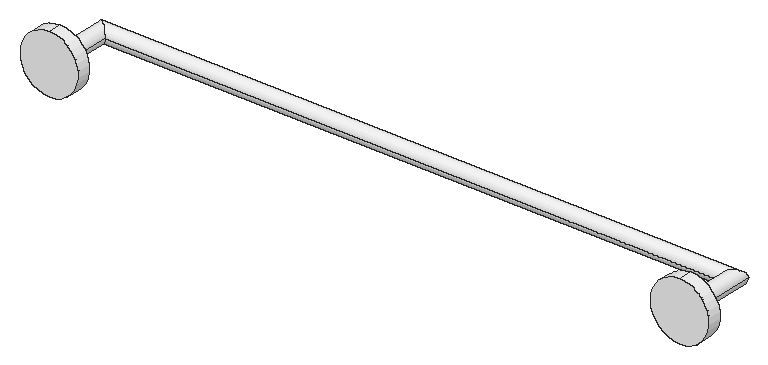
Revit family "SA-2007-24_SPEAKMAN_NEO-TOWEL BAR", category Generic Models, host Wall, Revit 2023
Family settings
  Host = Wall
  Can host rebar = No
  Round Connector Dimension = Use Diameter
  Part Type = Normal
  Always vertical = Yes
  Cut with Voids When Loaded = No
  Maintain Annotation Orientation = No
  Shared = No
  Room Calculation Point = No
Parameters
  MATERIAL_SA-2007 = MATERIAL_SA-2007
  LENGTH = 1' - 11 5/8"
  Default Elevation = 0' - 0"
  12 = 0' - 2 3/16"
  1 = 0' - 1"
Reference planes (in)
  plane 1: y = 0
  plane 2 "Center (Left/Right)": x = 0
  plane 3 "Wall Edge": y = 3
  plane 4: x = 11.8125
  plane 5: x = -11.8125
  plane 6: x = 12.90625
  plane 7: x = -12.90625
  plane 8: z = 22.18164
  plane 9: z = 23.2903
  plane 10: z = 21.1028
  plane 11: y = 3
  plane 12: y = 5.8125
  plane 13: y = 3.5
  plane 14: y = 5.5
  plane 15: z = 22.50002
  plane 16: z = 21.87496
  plane 17: x = 10.71875
  plane 18: x = -10.71875
  plane 19: y = 5.1875
Forms (in)
  Extrusion 1, solid, material "MATERIAL_SA-2007" <- "MATERIAL_SA-2007"
    sketch origin (0, 3, 0) x (1, 0, 0) y (0, 0, 1)
      loop
        circle (11.8125, 22.19655) r 1.09375
    from -0.5 to 0
  Extrusion 2, solid, material "MATERIAL_SA-2007" <- "MATERIAL_SA-2007"
    sketch origin (0, 3, 0) x (1, 0, 0) y (0, 0, 1)
      loop
        circle (-11.8125, 22.19655) r 1.09375
    from -0.5 to 0
  Sweep 3, solid, material "MATERIAL_SA-2007" <- "MATERIAL_SA-2007"
    path origin (0, 0, 0) x (1, 0, 0) y (0, 1, 0)
      loop
        line (-11.8125, 3.5) -> (-11.8125, 5.5) -> (11.8125, 5.5) -> (11.8125, 3.5)
    profile origin (-11.8125, 4.5, 0) x (-1, 0, 0) y (0, 0, 1)
      loop
        circle (0, 22.1875) r 0.3125
Cuts and joins
  joined: Extrusion 1, Extrusion 2, Sweep 3
Text (in)
  text "Placement Side" at (0, 40.15149, 123.01588), in view "Right"
  text "Placement Side" at (-70.3804, 28.46503, 0), in view "Ref. Level"
  text "Placement Side" at (0, 81.62555, 140.59947), in view "Left"
Dimensions and locks (in)
  locked: plane 3 "Wall Edge" to host wall
  equal spacing: plane 5, plane 2 "Center (Left/Right)", plane 4
  "LENGTH": plane 5 to plane 4
  plane 12 to plane 11 = 0' - 2 13/16"  (x2)
  plane 13 to plane 11 = 0' - 0 1/2"  (x2)
  plane 4 to plane 6 = 0' - 1 3/32"
  plane 7 to plane 5 = 0' - 1 3/32"
  plane 10 to plane 9 = 0' - 2 3/16"
  plane 6 to plane 7 = 2' - 1 13/16"
  plane 9 to plane 10 = 0' - 2 3/16"  (x2)
  plane 11 to plane 13 = 0' - 0 1/2"
  plane 11 to plane 12 = 0' - 2 13/16"
  plane 16 to plane 15 = 0' - 0.62506"
  plane 15 to plane 16 = 0' - 0.62506"  (x2)
  plane 7 to plane 6 = 2' - 1 13/16"
  plane 5 to plane 4 = 1' - 11 5/8"
  plane 19 to plane 12 = 0' - 0 5/8"
  plane 17 to plane 6 = 0' - 2 3/16"
  aligned and locked: plane 4 to Extrusion 1 sketch curve  (x2)
  aligned and locked: plane 9 to Extrusion 1 sketch curve
  aligned and locked: plane 10 to Extrusion 1 sketch curve
  aligned and locked: plane 9 to Extrusion 2 sketch curve
  aligned and locked: plane 10 to Extrusion 2 sketch curve
  aligned and locked: plane 5 to Extrusion 2 sketch curve  (x2)
  aligned and locked: plane 4 to Sweep 3 sketch curve
  aligned and locked: Sweep 3 sketch curve to plane 5
  aligned and locked: Sweep 3 sketch curve to plane 14
Automatic sketch dimensions
  plane 4 to Extrusion 1 sketch curve = 0' - 0"
  plane 5 to Extrusion 2 sketch curve = 0' - 0"
  Sweep 3 sketch curve to plane 13 = 0' - 0"  (x2)
  Sweep 3 sketch curve to profile plane = 0' - 0"
  level to Sweep 3 sketch curve = 1' - 10 3/16"
  radius of Sweep 3 sketch curve = 0' - 0 5/16"
